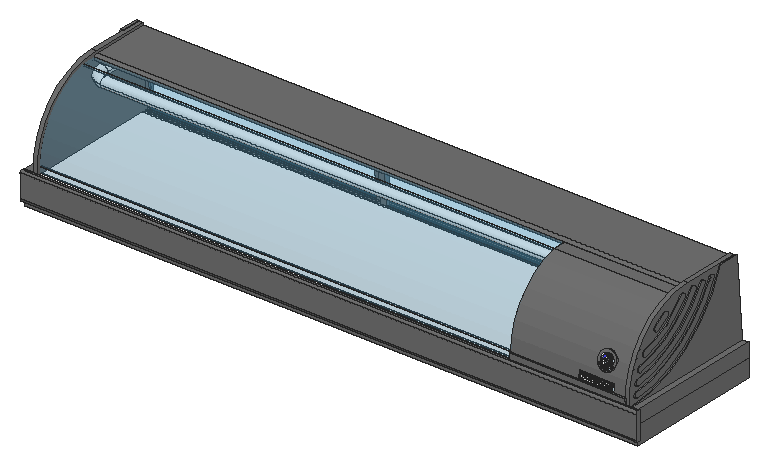
Revit family "QF_HOSHIZAKI_HNC-150BE-R-BH", category Specialty Equipment, Revit 2016
Family settings
  Part Type = Normal
  Round Connector Dimension = Use Diameter
  OmniClass Number = 23.40.40.14
  OmniClass Title = Food Service Equipment
  Work Plane-Based = No
  Always vertical = Yes
  Cut with Voids When Loaded = No
  Shared = No
  Room Calculation Point = No
Parameters (values of type "HNC-150BE-R-BH_230V/1Ph/50Hz")
  Weight = 37.00 kg
  Waste Remarks [instance] = ""
  Volts = 230 V
  URL Cutsheet = ""
  URL = "www.hoshizaki-europe.com"
  Status [instance] = ""
  Specification by User [instance] = ""
  Specification by Manufacturer [instance] = ""
  Serial Number = ""
  Seismic Rating = ""
  SMACNA No = ""
  Revision Code [instance] = ""
  Phase = 1
  Number of Poles = 2
  NAFEM Spec ID Number = ""
  Model = "HNC-150BE-R-BH"
  Min Ckt Ampacity = 0 A
  Max Overcurrent Protection = 0 A
  Masterspec = ""
  Manufacturer = "HOSHIZAKI"
  Length Actual = 1500 mm
  Item Number [instance] = ""
  Installed By [instance] = ""
  Indirect Waste Size = 50.8 mm
  Indirect Waste Connection Type [instance] = ""
  Indirect Waste Connection Height [instance] = 23 mm
  Identify Quantity as Lot [instance] = no
  Height Actual = 270 mm
  HP power = ""
  Furnished By [instance] = ""
  Foodservice Equipment Identifier [instance] = yes
  FL Amps = 0.6 A
  Electric power = 140 W
  Electric Connection Type [instance] = ""
  Elec Conn RI Height [instance] = 0 mm
  Elec Conn Connection Height [instance] = 19 mm
  Direct Waste RI Height [instance] = 0 mm
  Description = "SUSHI CASE, RIGHT SIDED - BLACK"
  Depth Actual = 345 mm
  Cycle = 50 Hz
  Cost = 0
  Conn Plug = ""
  Conn Conduit = no
  CSI MasterFormat = ""
  Assembly Code = "E1090320"
  Apparent Power = 140 VA
  Accessory = no
Reference planes
  plane 1 "Center (Front/Back)": y = 0
  plane 2: z = 0
  plane 3 "Center (Left/Right)": x = 0
Forms (mm)
  Extrusion 1, solid, not visible
    sketch origin (1469, -2, 18) x (1, 0, 0) y (0, 1, 0)
      loop
        line (0, 0) -> (2, 0) -> (2, 2) -> (0, 2) -> (0, 0)
    from 0 to 2
  Extrusion 2, solid, not visible
    sketch origin (67, -2, 22) x (1, 0, 0) y (0, 1, 0)
      loop
        line (0, 0) -> (2, 0) -> (2, 2) -> (0, 2) -> (0, 0)
    from 0 to 2
Dimensions and locks
  aligned and locked: level to plane 2
Nested families
  nested 1: "QF_HOSHIZAKI_HNC-150BE-R-BH_230V_1Ph_50Hz" at (0, 0, 0), type "HNC-150BE-R-BH_230V/1Ph/50Hz"
    with Status "", Specification by User "", Show Clearance yes, Revision Code "", Number of Poles 1, Item Number "", Installed By "", Identify Quantity as Lot no, Furnished By "", Foodservice Equipment Identifier yes, Electrical Remarks "", Electric Connection Type "", Elec Conn RI Height 0 mm, Elec Conn Connection Height 19 mm, Conn Conduit yes
Connectors
  electrical at (1470, 0, 19), driven by "Apparent Power", driven by "Number of Poles", driven by "Volts"
    settings: on Extrusion 1, index 1, voltage 230 V, apparent load 0 VA, apparent load phase1 140 VA, apparent load phase2 0 VA, apparent load phase3 0 VA, power factor 1, load classification "Other", number of poles 2, system type 31, power factor state 1, is connector primary yes, connector utility no, sub classification motor no, connector description "Electric connection for 'HNC-150BE-R-BH'"
  piping at (68, 0, 23), diameter 50.8, driven by "Indirect Waste Size"
    settings: on Extrusion 2, index 2, connector inside diameter 609.6 mm, connector length 0 mm, flow factor 0, pipe flow 0.0 L/s, pressure drop 0.0 Pa, fitting loss kfactor 0, connector angle 0.00°, fixture units 0, engagement length 0 mm, angle of deflection 0.00°, flow configuration 1, flow direction 2, fitting loss method 0, system type 16, joint type 0, gender type 0, connector reference index -1, connector utility 0, adjustable connector no, is connector primary yes, connector description "Drain connection for 'HNC-150BE-R-BH'"
Definition of nested family "QF_HOSHIZAKI_HNC-150BE-R-BH_230V_1Ph_50Hz"
  Parameters (values of type "HNC-150BE-R-BH_230V/1Ph/50Hz")
    Weight in Pounds = 81.5709
    Electric power = 150 W
    Volts = 230 V
    URL Cutsheet = "www.hoshizaki-europe.com"
    URL = "www.hoshizaki-europe.com"
    Status [instance] = ""
    Specification by User [instance] = ""
    Specification by Manufacturer = ""
    Show Logo = yes
    Show Clearance [instance] = yes
    Serial Number = ""
    Seismic Rating = ""
    SMACNA No = ""
    Revision Code [instance] = ""
    Phase = 1
    Number of Poles [instance] = 1
    NAFEM Spec ID Number = ""
    Model = "HNC-150BE-R-BH"
    Min Ckt Ampacity = 0 A
    Max Overcurrent Protection = 0 A
    Masterspec = ""
    Manufacturer = "HOSHIZAKI"
    Item Number [instance] = ""
    Installed By [instance] = ""
    Identify Quantity as Lot [instance] = no
    HP power = "0.201153000000"
    Furnished By [instance] = ""
    Foodservice Equipment Identifier [instance] = yes
    FL Amps = 20 A
    Electrical Remarks [instance] = ""
    Electric Connection Type [instance] = ""
    Elec Conn RI Height [instance] = 0 mm
    Elec Conn Connection Height [instance] = 19 mm
    Description = "SUSHI CASE, RIGHT SIDED - BLACK"
    Cycle = 50 Hz
    Conn Plug = ""
    Conn Conduit [instance] = yes
    CSI MasterFormat = ""
    Assembly Code = "E1090320"
    Apparent Power = 150 VA
  Reference planes
    plane 1 "Back": y = 0
    plane 2: z = 0
    plane 3 "Left": x = 0
    plane 4 "Right": x = 1500
    plane 5 "Front": y = -345
    plane 6 "Top": z = 270
  Forms (mm)
    Extrusion 1, solid
      sketch origin (1500, 0, 0) x (0, 1, 0) y (0, 0, -1)
        loop
          line (-335, -11.612) -> (-340, -11.612)
          arc (-340, -11.612) -> (-343.536, -13.076) -> (-345, -16.612) r 5
          line (-345, -16.612) -> (-345, -73.923)
          arc (-345, -73.923) -> (-343.536, -77.458) -> (-340, -78.923) r 5
          line (-340, -78.923) -> (-335, -78.923) -> (-335, -11.612)
      from 0 to 1500
    Extrusion 2, solid
      sketch origin (1496, 0, 0) x (0, 1, 0) y (0, 0, -1)
        loop
          line (0, 0) -> (-335, 0) -> (-335, -45.267) -> (0, -45.267) -> (0, 0)
      from 1492 to 0
    Extrusion 3, solid
      sketch origin (20, 0, 0) x (0, 1, 0) y (0, 0, 1)
        loop
          line (-335, 77.311) -> (-335, 45.267) -> (0, 45.267) -> (0, 81.612) -> (-16.482, 270) -> (-62.821, 270)
          arc (-62.821, 270) -> (-168.876, 131.23) -> (-335, 77.311) r 293.422
        loop
          arc (-83.709, 252.219) -> (-87.673, 258.508) -> (-95.039, 257.5) r 6.865
          arc (-95.039, 257.5) -> (-185.592, 150.044) -> (-318.029, 103.066) r 268.422
          arc (-318.029, 103.066) -> (-323.161, 96.407) -> (-317.08, 90.602) r 6.285
          arc (-317.08, 90.602) -> (-178.479, 139.765) -> (-83.709, 252.219) r 280.922
        loop
          arc (-111.859, 251.686) -> (-115.571, 258.059) -> (-122.925, 257.5) r 6.947
          arc (-122.925, 257.5) -> (-202.759, 168.597) -> (-315.28, 128.393) r 243.422
          arc (-315.28, 128.393) -> (-320.31, 121.62) -> (-314.06, 115.953) r 6.28
          arc (-314.06, 115.953) -> (-195.78, 158.227) -> (-111.859, 251.686) r 255.922
        loop
          arc (-140.937, 251.021) -> (-143.81, 258.338) -> (-151.626, 257.5) r 6.48
          arc (-151.626, 257.5) -> (-218.228, 188.332) -> (-308.057, 154.411) r 218.422
          arc (-308.057, 154.411) -> (-312.519, 147.451) -> (-306.269, 142.04) r 6.315
          arc (-306.269, 142.04) -> (-211.328, 177.909) -> (-140.937, 251.021) r 230.922
        loop
          arc (-173, 248.071) -> (-175.054, 255.795) -> (-183.042, 255.516) r 6.411
          arc (-183.042, 255.516) -> (-231.849, 209.297) -> (-293.527, 182.572) r 193.422
          arc (-293.527, 182.572) -> (-298.352, 176.046) -> (-293.13, 169.833) r 6.554
          arc (-293.13, 169.833) -> (-226.037, 198.16) -> (-173, 248.071) r 205.922
        loop
          arc (-225.482, 229.368) -> (-225.701, 237.193) -> (-233.285, 239.134) r 6.501
          arc (-233.285, 239.134) -> (-246.737, 229.431) -> (-261.08, 221.097) r 168.422
          arc (-261.08, 221.097) -> (-262.519, 213.318) -> (-255.34, 209.993) r 6.452
          arc (-255.34, 209.993) -> (-239.933, 218.945) -> (-225.482, 229.368) r 180.922
      from 0 to 5
    Extrusion 4, solid
      sketch origin (25, 0, 0) x (0, 1, 0) y (0, 0, 1)
        loop
          line (-335, 45.267) -> (0, 45.267) -> (0, 81.612) -> (-16.482, 270) -> (-157.482, 270)
          arc (-157.482, 270) -> (-288.48, 212.569) -> (-335, 77.311) r 178.115
          line (-335, 77.311) -> (-335, 45.267)
      from 0 to 10
    Extrusion 5, solid
      sketch origin (1480, 0, 0) x (0, 1, 0) y (0, 0, -1)
        loop
          arc (-335, -77.311) -> (-168.876, -131.23) -> (-62.821, -270) r 293.422
          line (-62.821, -270) -> (-16.482, -270) -> (0, -81.612) -> (0, -45.267) -> (-335, -45.267) -> (-335, -77.311)
        loop
          arc (-83.709, -252.219) -> (-178.479, -139.765) -> (-317.08, -90.602) r 280.922
          arc (-317.08, -90.602) -> (-323.161, -96.407) -> (-318.029, -103.066) r 6.285
          arc (-318.029, -103.066) -> (-185.592, -150.044) -> (-95.039, -257.5) r 268.422
          arc (-95.039, -257.5) -> (-87.673, -258.508) -> (-83.709, -252.219) r 6.865
        loop
          arc (-111.859, -251.686) -> (-195.78, -158.227) -> (-314.06, -115.953) r 255.922
          arc (-314.06, -115.953) -> (-320.31, -121.62) -> (-315.28, -128.393) r 6.28
          arc (-315.28, -128.393) -> (-202.759, -168.597) -> (-122.925, -257.5) r 243.422
          arc (-122.925, -257.5) -> (-115.571, -258.059) -> (-111.859, -251.686) r 6.947
        loop
          arc (-140.937, -251.021) -> (-211.328, -177.909) -> (-306.269, -142.04) r 230.922
          arc (-306.269, -142.04) -> (-312.519, -147.451) -> (-308.057, -154.411) r 6.315
          arc (-308.057, -154.411) -> (-218.228, -188.332) -> (-151.626, -257.5) r 218.422
          arc (-151.626, -257.5) -> (-143.81, -258.338) -> (-140.937, -251.021) r 6.48
        loop
          arc (-173, -248.071) -> (-226.037, -198.16) -> (-293.13, -169.833) r 205.922
          arc (-293.13, -169.833) -> (-298.352, -176.046) -> (-293.527, -182.572) r 6.554
          arc (-293.527, -182.572) -> (-231.849, -209.297) -> (-183.042, -255.516) r 193.422
          arc (-183.042, -255.516) -> (-175.054, -255.795) -> (-173, -248.071) r 6.411
        loop
          arc (-225.482, -229.368) -> (-239.933, -218.945) -> (-255.34, -209.993) r 180.922
          arc (-255.34, -209.993) -> (-262.519, -213.318) -> (-261.08, -221.097) r 6.452
          arc (-261.08, -221.097) -> (-246.737, -229.431) -> (-233.285, -239.134) r 168.422
          arc (-233.285, -239.134) -> (-225.701, -237.193) -> (-225.482, -229.368) r 6.501
      from 0 to 5
    Extrusion 6, solid
      sketch origin (1475, 0, 0) x (0, 1, 0) y (0, 0, -1)
        loop
          line (-335, -45.267) -> (-335, -77.311)
          arc (-335, -77.311) -> (-288.48, -212.569) -> (-157.482, -270) r 178.115
          line (-157.482, -270) -> (-16.482, -270) -> (0, -81.612) -> (0, -45.267) -> (-335, -45.267)
      from 0 to 10
    Extrusion 7, solid
      sketch origin (1500, 0, 0) x (0, 1, 0) y (0, 0, -1)
        loop
          line (-335.005, -77.311) -> (-335.597, -91.885) -> (-330.597, -91.885)
          arc (-330.597, -91.885) -> (-293.716, -198.698) -> (-198.787, -260) r 173.115
          line (-198.787, -260) -> (-15.607, -260) -> (0, -81.612) -> (0, -45.267) -> (-9.983, -45.267) -> (-9.983, -77.311) -> (-335.005, -77.311)
      from 35 to 317
    Extrusion 8, solid
      sketch origin (1500, 0, 0) x (0, 1, 0) y (0, 0, -1)
        loop
          line (-9.983, -45.267) -> (-335, -45.267) -> (-335, -67.293)
          arc (-335, -67.293) -> (-332.066, -74.377) -> (-324.983, -77.311) r 10.017
          line (-324.983, -77.311) -> (-20.035, -77.311)
          arc (-20.035, -77.311) -> (-12.951, -74.377) -> (-9.983, -67.293) r 10.017
          line (-9.983, -67.293) -> (-9.983, -45.267)
      from 35 to 1465
    Extrusion 9, solid
      sketch origin (1500, 0, 0) x (0, 1, 0) y (0, 0, -1)
        loop
          line (-16.044, -265) -> (-15.169, -255) -> (-166.142, -255) -> (-166.142, -260)
          arc (-166.142, -260) -> (-162.482, -263.66) -> (-157.482, -265) r 10
          line (-157.482, -265) -> (-16.044, -265)
      from 35 to 1465
    Extrusion 10, solid
      sketch origin (1500, 0, 0) x (0, 1, 0) y (0, 0, -1)
        loop
          line (-166.142, -260) -> (-166.142, -255) -> (-198.178, -255)
          arc (-198.178, -255) -> (-289.967, -195.377) -> (-325.597, -91.885) r 168.115
          line (-325.597, -91.885) -> (-325.597, -77.395) -> (-330.597, -77.395) -> (-330.597, -91.885)
          arc (-330.597, -91.885) -> (-293.716, -198.698) -> (-198.787, -260) r 173.115
          line (-198.787, -260) -> (-166.142, -260)
      from 317 to 1465
    Sweep 11, solid
      path origin (1198.216, 0, 230) x (-1, 0, 0) y (0, -1, 0)
        loop
          line (1072.551, 50.66) -> (1112.551, 50.66)
          arc (1112.551, 50.66) -> (1140.051, 62.051) -> (1151.442, 89.551) r 38.891
          line (1151.442, 89.551) -> (1151.442, 153.787)
          arc (1151.442, 153.787) -> (1142.122, 176.287) -> (1119.622, 185.607) r 31.82
          line (1119.622, 185.607) -> (14.622, 185.607)
      profile origin (105.665, -50.66, 230) x (0, -1, 0) y (0, 0, 1)
        loop
          circle (0, 0) r 12.5
    Extrusion 12, solid
      sketch origin (1500, 0, 0) x (0, 1, 0) y (0, 0, -1)
        loop
          line (0, -45.267) -> (-10, -45.267) -> (-10, -77.311) -> (-5, -77.311) -> (-5, -81.612) -> (-6.743, -101.536) -> (-1.743, -101.536) -> (0, -81.612) -> (0, -45.267)
      from 317 to 1465
    Extrusion 13, solid
      sketch origin (1200, 0, 0) x (0, 1, 0) y (0, 0, -1)
        loop
          line (-6.743, -101.536) -> (-20.169, -255) -> (-15.169, -255) -> (-1.743, -101.536) -> (-6.743, -101.536)
      from 1150 to 1165
    Extrusion 14, solid
      sketch origin (1183, -10, 0) x (0, 1, 0) y (0, 0, -1)
        loop
          line (-5, -77.311) -> (-9.917, -77.311) -> (-9.917, -80.666) -> (-25.169, -255) -> (-20.169, -255) -> (-5, -81.612) -> (-5, -77.311)
      from 0 to 550
    Extrusion 15, solid
      sketch origin (1500, 0, 0) x (-1, 0, 0) y (0, 0, -1)
        loop
          line (20, -45.267) -> (4, -45.267) -> (4, -78.923) -> (20, -78.923) -> (20, -45.267)
      from 0 to 335
    Extrusion 16, solid
      sketch origin (20, 0, 0) x (-1, 0, 0) y (0, 0, -1)
        loop
          line (16, -45.267) -> (0, -45.267) -> (0, -78.923) -> (16, -78.923) -> (16, -45.267)
      from 0 to 335
    Extrusion 17, solid
      sketch origin (1470, 5, 19) x (-1, 0, 0) y (0, 0, -1)
        loop
          circle (0, 0) r 5
      from 0 to 5
    Extrusion 18, solid
      sketch origin (600, 0, 0) x (0, 1, 0) y (0, 0, -1)
        loop
          line (-5, -77.311) -> (-9.917, -77.311) -> (-9.917, -80.666) -> (-25.169, -255) -> (-20.169, -255) -> (-5, -81.612) -> (-5, -77.311)
      from 0 to 550
    Extrusion 19, solid
      sketch origin (600, 0, 0) x (0, 1, 0) y (0, 0, 1)
        loop
          line (-6.743, 101.536) -> (-2.401, 109.056) -> (-14.603, 248.524) -> (-20.169, 255) -> (-25.169, 255) -> (-9.917, 80.666) -> (-4.917, 80.666) -> (-6.743, 101.536)
      from 16 to 0
    Extrusion 20, solid
      sketch origin (617, -10, 0) x (0, 1, 0) y (0, 0, 1)
        loop
          line (-6.743, 101.536) -> (-2.401, 109.056) -> (-14.603, 248.524) -> (-20.169, 255) -> (-25.169, 255) -> (-9.917, 80.666) -> (-4.917, 80.666) -> (-6.743, 101.536)
      from 16 to 0
    Extrusion 21, solid, visible <- "Show Logo"
      sketch origin (1303.022, -388.675, -502.62) x (1, 0, 0) y (0, 0.087156, 0.996195)
        loop
          line (55.338, 616.136) -> (55.338, 615.183) -> (56.401, 614.569) -> (56.401, 609.537) -> (55.338, 608.924) -> (55.338, 607.971) -> (59.638, 607.971) -> (59.638, 608.924) -> (58.286, 609.537) -> (58.286, 611.434) -> (61.704, 611.434) -> (61.704, 609.537) -> (60.353, 608.924) -> (60.353, 607.971) -> (64.652, 607.971) -> (64.652, 608.924) -> (63.589, 609.537) -> (63.589, 614.569) -> (64.652, 615.183) -> (64.652, 616.136) -> (60.353, 616.136) -> (60.353, 615.183) -> (61.704, 614.569) -> (61.704, 612.924) -> (58.286, 612.924) -> (58.286, 614.569) -> (59.638, 615.183) -> (59.638, 616.136) -> (55.338, 616.136)
        loop
          spline (69.001, 608.002) -> (70.129, 608.14) -> (71.179, 608.547) -> (72.081, 609.193) -> (72.773, 610.035) -> (73.209, 611.016) -> (73.357, 612.069) -> (73.209, 613.121) -> (72.773, 614.102) -> (72.081, 614.944) -> (71.179, 615.591) -> (70.129, 615.997) -> (69.001, 616.136)
          spline (69.001, 616.136) -> (67.874, 615.997) -> (66.824, 615.591) -> (65.922, 614.944) -> (65.229, 614.102) -> (64.794, 613.121) -> (64.646, 612.069) -> (64.794, 611.016) -> (65.229, 610.035) -> (65.922, 609.193) -> (66.824, 608.547) -> (67.874, 608.14) -> (69.001, 608.002)
        loop
          spline (68.927, 609) -> (69.484, 609.105) -> (70.004, 609.411) -> (70.45, 609.899) -> (70.792, 610.534) -> (71.007, 611.274) -> (71.08, 612.069) -> (71.007, 612.863) -> (70.792, 613.603) -> (70.45, 614.239) -> (70.004, 614.726) -> (69.484, 615.033) -> (68.927, 615.137)
          spline (68.927, 615.137) -> (68.37, 615.033) -> (67.851, 614.726) -> (67.405, 614.239) -> (67.063, 613.603) -> (66.847, 612.863) -> (66.774, 612.069) -> (66.847, 611.274) -> (67.063, 610.534) -> (67.405, 609.899) -> (67.851, 609.411) -> (68.37, 609.105) -> (68.927, 609)
        loop
          line (81.179, 616.194) -> (79.474, 615.758)
          arc (79.474, 615.758) -> (77.281, 616.22) -> (75.089, 615.753) r 5.403
          arc (75.089, 615.753) -> (73.886, 613.9) -> (75.089, 612.047) r 2.029
          line (75.089, 612.047) -> (78.971, 610.634)
          arc (78.971, 610.634) -> (79.436, 609.97) -> (78.971, 609.307) r 0.706
          arc (78.971, 609.307) -> (77.855, 609.11) -> (76.74, 609.307) r 3.262
          line (76.74, 609.307) -> (75.274, 610.772) -> (73.787, 610.772) -> (73.787, 608.097) -> (75.666, 608.577)
          arc (75.666, 608.577) -> (78.223, 607.78) -> (80.78, 608.577) r 4.5
          arc (80.78, 608.577) -> (81.48, 610.43) -> (80.78, 612.283) r 2.804
          line (80.78, 612.283) -> (76.487, 613.433)
          arc (76.487, 613.433) -> (75.882, 614.221) -> (76.487, 615.009) r 0.816
          arc (76.487, 615.009) -> (77.614, 615.157) -> (78.742, 615.009) r 4.357
          line (78.742, 615.009) -> (79.927, 613.433) -> (81.179, 613.433) -> (81.179, 616.194)
        loop
          line (82.271, 616.136) -> (82.271, 615.183) -> (83.334, 614.569) -> (83.334, 609.537) -> (82.271, 608.924) -> (82.271, 607.971) -> (86.57, 607.971) -> (86.57, 608.924) -> (85.219, 609.537) -> (85.219, 611.434) -> (88.636, 611.434) -> (88.636, 609.537) -> (87.285, 608.924) -> (87.285, 607.971) -> (91.585, 607.971) -> (91.585, 608.924) -> (90.522, 609.537) -> (90.522, 614.569) -> (91.585, 615.183) -> (91.585, 616.136) -> (87.285, 616.136) -> (87.285, 615.183) -> (88.636, 614.569) -> (88.636, 612.924) -> (85.219, 612.924) -> (85.219, 614.569) -> (86.57, 615.183) -> (86.57, 616.136) -> (82.271, 616.136)
        loop
          line (96.706, 616.136) -> (92.416, 616.136) -> (92.416, 615.183) -> (93.479, 614.569) -> (93.479, 609.537) -> (92.416, 608.924) -> (92.416, 607.971) -> (96.706, 607.971) -> (96.706, 608.924) -> (95.643, 609.537) -> (95.643, 614.569) -> (96.706, 615.183) -> (96.706, 616.136)
        loop
          line (97.667, 616.136) -> (97.667, 612.671) -> (98.907, 612.671) -> (98.907, 614.463) -> (99.558, 615.114) -> (102.547, 615.114) -> (97.667, 609.299) -> (97.667, 607.971) -> (104.908, 607.971) -> (104.908, 611.273) -> (103.649, 611.273) -> (103.649, 609.958) -> (102.708, 609.299) -> (100.239, 609.299) -> (104.908, 614.862) -> (104.908, 616.136) -> (97.667, 616.136)
        loop
          line (105.624, 607.971) -> (109.33, 607.971) -> (109.33, 609.028) -> (107.454, 609.028) -> (108.104, 610.636) -> (111.138, 610.636) -> (111.792, 609.702) -> (111.119, 609.028) -> (110.298, 609.028) -> (110.298, 607.971) -> (114.469, 607.971) -> (114.469, 609.299) -> (110.933, 616.136) -> (109.33, 616.136) -> (106.458, 609.028) -> (105.624, 609.028) -> (105.624, 607.971)
        loop
          line (114.779, 616.136) -> (114.779, 615.083) -> (116.046, 615.083) -> (116.046, 609.299) -> (114.99, 609.299) -> (114.99, 607.971) -> (118.696, 607.971) -> (117.926, 609.461) -> (117.926, 610.349) -> (119.101, 611.525) -> (121.327, 609.299) -> (120.053, 609.299) -> (120.053, 607.971) -> (124.657, 607.971) -> (124.657, 609.299) -> (123.759, 609.299) -> (120.592, 613.016) -> (122.659, 615.083) -> (123.759, 615.083) -> (123.759, 616.136) -> (120.053, 616.136) -> (120.053, 615.083) -> (121.071, 615.083) -> (117.926, 611.937) -> (118.696, 615.083) -> (118.696, 616.136) -> (114.779, 616.136)
        loop
          line (129.485, 616.136) -> (125.196, 616.136) -> (125.196, 615.183) -> (126.259, 614.569) -> (126.259, 609.537) -> (125.196, 608.924) -> (125.196, 607.971) -> (129.485, 607.971) -> (129.485, 608.924) -> (128.422, 609.537) -> (128.422, 614.569) -> (129.485, 615.183) -> (129.485, 616.136)
        loop
          line (109.583, 614.299) -> (108.553, 611.748) -> (110.666, 611.748) -> (109.583, 614.299)
        loop
          line (52.372, 617.338) -> (52.372, 606.471) -> (131.113, 606.471) -> (131.113, 617.338) -> (52.372, 617.338)
        loop
          line (133.113, 619.338) -> (50.372, 619.338) -> (50.372, 604.471) -> (133.113, 604.471) -> (133.113, 619.338)
      from -1 to 1
    Extrusion 22, solid, visible <- "Show Logo"
      sketch origin (1313.022, -389.92, -522.587) x (1, 0, 0) y (0, 0.087156, 0.996195)
        loop
          line (42.372, 637.338) -> (42.372, 626.471) -> (121.113, 626.471) -> (121.113, 637.338) -> (42.372, 637.338)
      from -1 to 1
    Extrusion 23, solid, visible <- "Show Logo"
      sketch origin (1872.337, -1021.027, -1575.105) x (-1, 0, 0) y (0, -0.374607, -0.927184)
        loop
          circle (459.884, -1862.5) r 13.99
      from 0 to 2.5
    Extrusion 24, solid, visible <- "Show Logo"
      sketch origin (1872.337, -1021.49, -1574.918) x (-1, 0, 0) y (0, -0.374607, -0.927184)
        loop
          circle (459.884, -1862.5) r 15
        loop
          arc (446.884, -1862.5) -> (460.705, -1875.474) -> (472.781, -1860.863) r 13
          line (472.781, -1860.863) -> (470.355, -1858.437) -> (469.346, -1862.201) -> (466.355, -1863.928) -> (465.024, -1865.26) -> (463.375, -1865.26) -> (462.04, -1870.241) -> (457.755, -1870.241) -> (459.339, -1867.979) -> (460.402, -1864.014) -> (461.224, -1860.945) -> (462.416, -1856.497) -> (461.216, -1855.297) -> (459.433, -1857.843) -> (455.784, -1851.523) -> (460.361, -1851.523) -> (461.471, -1853.446) -> (469.213, -1853.446)
          arc (469.213, -1853.446) -> (460.394, -1849.51) -> (451.293, -1852.743) r 13
          line (451.293, -1852.743) -> (455.577, -1853.891) -> (453.752, -1856.497) -> (455.349, -1856.497) -> (454.477, -1866.459) -> (452.538, -1866.459) -> (446.884, -1862.5)
        loop
          line (447.853, -1857.467) -> (452.313, -1861.926) -> (450.144, -1853.891)
          arc (450.144, -1853.891) -> (448.878, -1855.602) -> (447.853, -1857.467) r 15.828
        loop
          line (463.583, -1862.877) -> (466.64, -1862.399) -> (464.901, -1861.285) -> (463.583, -1857.664) -> (463.583, -1862.877)
        loop
          line (464.827, -1855.979) -> (468.296, -1856.908) -> (469.573, -1854.916) -> (468.881, -1854.224) -> (467.914, -1855.035) -> (464.827, -1855.979)
        loop
          line (462.609, -1872.307) -> (462.609, -1874.009) -> (464.927, -1873.388) -> (462.609, -1872.307)
        loop
          line (460.361, -1874.662) -> (459.594, -1873.335) -> (460.801, -1872.638) -> (459.186, -1872.205) -> (458.298, -1874.11) -> (460.361, -1874.662)
        loop
          line (459.623, -1846.783) -> (460.706, -1845.701) -> (462.247, -1845.701) -> (461.191, -1844.645) -> (461.503, -1842.874) -> (459.623, -1843.959) -> (457.743, -1842.874) -> (458.055, -1844.645) -> (456.999, -1845.701) -> (458.54, -1845.701) -> (459.623, -1846.783)
        loop
          line (446.86, -1853.7) -> (446.594, -1852.191) -> (447.478, -1850.929) -> (446.007, -1851.188) -> (444.736, -1849.917) -> (444.547, -1852.08) -> (442.579, -1852.997) -> (444.209, -1853.757) -> (444.468, -1855.228) -> (445.352, -1853.965) -> (446.86, -1853.7)
        loop
          line (452.395, -1848.68) -> (452.856, -1847.219) -> (454.223, -1846.508) -> (452.799, -1846.059) -> (452.258, -1844.344) -> (451.091, -1846.175) -> (448.922, -1846.08) -> (450.017, -1847.507) -> (449.568, -1848.931) -> (450.935, -1848.219) -> (452.395, -1848.68)
        loop
          line (472.909, -1853.7) -> (474.417, -1853.965) -> (475.301, -1855.228) -> (475.56, -1853.757) -> (477.19, -1852.997) -> (475.222, -1852.08) -> (475.033, -1849.917) -> (473.761, -1851.188) -> (472.291, -1850.929) -> (473.175, -1852.191) -> (472.909, -1853.7)
        loop
          line (467.374, -1848.68) -> (468.834, -1848.219) -> (470.201, -1848.931) -> (469.752, -1847.507) -> (470.847, -1846.08) -> (468.678, -1846.175) -> (467.511, -1844.344) -> (466.97, -1846.059) -> (465.546, -1846.508) -> (466.913, -1847.219) -> (467.374, -1848.68)
      from 0 to 2.5
    Extrusion 25, solid, visible <- "Show Logo"
      sketch origin (1872.337, -1021.49, -1574.918) x (-1, 0, 0) y (0, -0.374607, -0.927184)
        loop
          line (462.609, -1874.009) -> (462.609, -1872.307) -> (462.085, -1870.241) -> (457.755, -1870.241) -> (459.339, -1867.979) -> (462.416, -1856.497) -> (461.216, -1855.297) -> (459.433, -1857.843) -> (455.808, -1851.565) -> (453.948, -1851.565) -> (455.577, -1853.891) -> (454.477, -1866.459) -> (456.345, -1871.339)
          arc (456.345, -1871.339) -> (456.868, -1874.025) -> (459.213, -1875.435) r 3.366
          arc (459.213, -1875.435) -> (460.198, -1875.496) -> (461.183, -1875.435) r 8.046
          line (461.183, -1875.435) -> (462.609, -1874.009)
        loop
          line (456.854, -1851.523) -> (460.361, -1851.523) -> (460.916, -1852.485) -> (462.702, -1852.485) -> (463.779, -1851.407) -> (460.623, -1851.407) -> (461.563, -1850.468) -> (456.245, -1850.468) -> (456.854, -1851.523)
        loop
          line (460.361, -1874.662) -> (459.594, -1873.335) -> (460.801, -1872.638) -> (459.186, -1872.205) -> (458.298, -1874.11) -> (460.361, -1874.662)
      from 0 to 2.5
    Extrusion 26, solid, visible <- "Show Logo"
      sketch origin (1857.953, -534.45, -370.786) x (-1, 0, 0) y (0, -0.374607, -0.927184)
        loop
          circle (445.5, -563.6) r 22.5
      from 0 to 2
  Lines and regions (mm)
    symbolic lines
      curve 1: line (1500, -335, 0) -> (1500, -345, 0)
      curve 2: line (1500, -345, 0) -> (0, -345, 0)
      curve 3: line (0, -345, 0) -> (0, -335, 0)
      curve 4: line (0, -335, 0) -> (4, -335, 0)
      curve 5: line (4, -335, 0) -> (4, 0, 0)
      curve 6: line (4, 0, 0) -> (1496, 0, 0)
      curve 7: line (1465, 0, 0) -> (1465, 5, 0)
      curve 8: line (1465, 5, 0) -> (1475, 5, 0)
      curve 9: line (1475, 5, 0) -> (1475, 0, 0)
      curve 10: line (1496, 0, 0) -> (1496, -335, 0)
      curve 11: line (1496, -335, 0) -> (1500, -335, 0)
      curve 12: line (1496, -335, 0) -> (4, -335, 0)
      curve 13: line (35, -335, 0) -> (35, 0, 0)
      curve 14: line (1465, -335, 0) -> (1465, 0, 0)
      curve 15: line (1183, 0, 0) -> (1183, -335, 0)
      curve 16: line (35, -166.142, 0) -> (1183, -166.142, 0)
  Dimensions and locks
    plane 4 "Right" to plane 3 "Left" = 1500 mm
    aligned and locked: level to plane 2
  Connectors
    electrical at (1470, 5, 19), driven by "Apparent Power", driven by "Volts", driven by "Number of Poles"
      settings: on Extrusion 17, index 1, voltage 230 V, apparent load 0 VA, apparent load phase1 150 VA, apparent load phase2 0 VA, apparent load phase3 0 VA, power factor 1, load classification none, number of poles 1, system type 31, power factor state 1, is connector primary yes, connector utility no, sub classification motor no, connector description "Electrical Connection"
